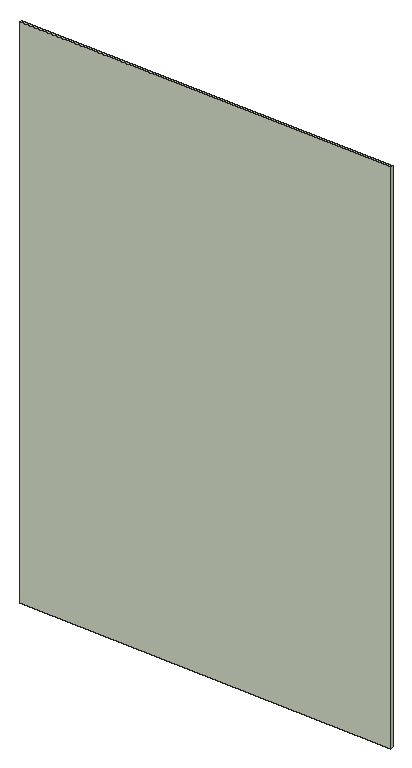
Revit family "Steni - Panel - Colour", category Generic Models, Revit 2014
Parameters (values of type "SN 9308")
  Youtube clip = ""
  Width [instance] = 850 mm
  Weight Net (kg) = "11 Kg/m²"
  Water Absorbtion After 28 days = "<1.5 %"
  WarrantyStartDate = ""
  WarrantyDuration = ""
  Visual Assessment = "3 M / 90°"
  Uniclass 2.0 Description = ""
  Uniclass 2.0 Code = ""
  Uniclass 1.4 Description = ""
  Uniclass 1.4 Code = ""
  URL = "http://steni.bimobject.com/sn9308"
  UNSPC code = 301518
  UNSPC Category = "Siding and exterior wall materials"
  TypeName = ""
  Steni Material = Steni - SN 9308• S 2010-G30Y
  Optimization Group [instance] = ""
  Material main [instance] = none
  IsVerticalLath [instance] = yes
  Height [instance] = 1195 mm
  Drilling Code [instance] = ""
  Depth [instance] = 6 mm  # constant formula
  Tensile Strength = "15 N/mm²"
  Temperature Expansion (-20° +65°) = "0.026 mm/m°C"
  Technical description = "http://steni.co.uk/uk/resources/pdf/fdv_en/Technical-Datasheet-Steni-UK-101-0413.pdf"
  TagNumber = ""
  Standard Width = 1195 mm  # constant formula
  Standard Length = 3500 mm  # constant formula
  Size = ""
  SerialNumber = ""
  Reverse Side Of Panel = "GLASS FIBER SURFACING VEIL"
  Product identifier = ""
  Product group = "Colour"
  Product family = "Steni Colour"
  Product data url = "http://steni.co.uk/uk/resources/pdf/fdv_en/Productdescription-Steni-UK-103-0413.pdf"
  Product certification = "http://steni.co.uk/uk/resources/pdf/approvals/Approvals-STENI_AA000_EN_1015.pdf"
  Product SKU = "SN9308"
  Penetration Of Water Vapour = "3,3 X 10-12 Kg/m²sPa"
  NominalWidth = "3500"
  NominalHeight = "1195"
  No Damage = "300 CYCLE"
  Name of the object = "Steni - Panel - Colour"
  NBS Reference Description = ""
  NBS Reference = ""
  Model = "Steni - Panel - Colour"
  Material = ""
  Manufacturer country = "Norway"
  Manufacturer URL = "www.steni.com"
  Manufacturer = "Steni"
  InstallationDate = ""
  Installation instructions = "http://steni.com/en/pro/documentation/fixing-system"
  Impermeability = "100%"
  Impact Strength = "20 KJ / m 2"
  IFC Classification = "Covering"
  Humidity Altered Dimension = "5.2 X 106 m/m x%RF"
  Heat Resistance = "0.0074 m²°C/W"
  Heat Conductivity = "0.55 W/m°C"
  Grade = ""
  Gloss Count On Surface = "HG, HM or M"
  Front Side Of Panel = "ELECTRON CURED ACRYL"
  Flexural Strength = "40 MPa"
  Finish = ""
  Features = ""
  Extidentifier = ""
  Elasticity Module = "5000 MPa"
  Edition number = "1"
  Edge Straightness Full Size = "1 mm"
  EAN code = ""
  Drilling Distance Tolerance = "± 5 mm"
  Diagonal Deviation = "3 mm"
  Design country = "Norway"
  Density = "Apprx. 1880 Kg/m³"
  Date of publishing = ""
  Created on = ""
  Created by = ""
  ConnectionType = ""
  Colour = ""
  COBIe Type Category = ""
  Barcode = ""
  BIMobject QR code url = "http://steni.bimobject.com/sn9308"
  BIMobject Category = "Cladding"
  AssetIdentifier = ""
  Article Number = ""
  Allowable Variation = "± 2 mm"
  AccessibilityPerformance = ""
Types (60, lengths in mm): name | URL | Steni Material | Technical description | Product group | Product data url | Product certification | Product SKU | Model | Installation instructions | Gloss Count On Surface | BIMobject QR code url
  Steni - Panel - DUO | "http://steni.bimobject.com/sc123" | Steni_Aluminum | "http://steni.bimobject.com/pdf/technicalspecs/technicalspec_colour_type6.pdf" | "FS 100" | "http://www.steni.co.uk/#/products/STENI%20COLOUR" | "" | "sc123" | "Steni - Panel - Coulour Type 6" | "http://steni.bimobject.com/pdf/technicalspecs/technicalspec_colour_type6.pdf" | "HG, HM, or M" | "http://steni.bimobject.com/sc123"
  SN 9402 | "http://steni.bimobject.com/sn9402" | Steni - SN 9402• S 2010-R90B | "http://steni.co.uk/uk/resources/pdf/fdv_en/Technical-Datasheet-Steni-UK-101-0413.pdf" | "Colour" | "http://steni.co.uk/uk/resources/pdf/fdv_en/Productdescription-Steni-UK-103-0413.pdf" | "http://steni.co.uk/uk/resources/pdf/approvals/Approvals-STENI_AA000_EN_1015.pdf" | "SN9402" | "Steni - Panel - Colour" | "http://steni.com/en/pro/documentation/fixing-system" | "HG, HM or M" | "http://steni.bimobject.com/sn9402"
  SN 9401 | "http://steni.bimobject.com/sn9401" | Steni - SN 9401• S 8010-R90B | "http://steni.co.uk/uk/resources/pdf/fdv_en/Technical-Datasheet-Steni-UK-101-0413.pdf" | "Colour" | "http://steni.co.uk/uk/resources/pdf/fdv_en/Productdescription-Steni-UK-103-0413.pdf" | "http://steni.co.uk/uk/resources/pdf/approvals/Approvals-STENI_AA000_EN_1015.pdf" | "SN9401" | "Steni - Panel - Colour" | "http://steni.com/en/pro/documentation/fixing-system" | "HG, HM or M" | "http://steni.bimobject.com/sn9401"
  SN 9400 | "http://steni.bimobject.com/sn9400" | Steni - SN 9400• S 4050-R90B | "http://steni.co.uk/uk/resources/pdf/fdv_en/Technical-Datasheet-Steni-UK-101-0413.pdf" | "Colour" | "http://steni.co.uk/uk/resources/pdf/fdv_en/Productdescription-Steni-UK-103-0413.pdf" | "http://steni.co.uk/uk/resources/pdf/approvals/Approvals-STENI_AA000_EN_1015.pdf" | "SN9400" | "Steni - Panel - Colour" | "http://steni.com/en/pro/documentation/fixing-system" | "HG, HM or M" | "http://steni.bimobject.com/sn9400"
  SN 9310 | "http://steni.bimobject.com/sn9310" | Steni - SN 9310• S 2010-B30G | "http://steni.co.uk/uk/resources/pdf/fdv_en/Technical-Datasheet-Steni-UK-101-0413.pdf" | "Colour" | "http://steni.co.uk/uk/resources/pdf/fdv_en/Productdescription-Steni-UK-103-0413.pdf" | "http://steni.co.uk/uk/resources/pdf/approvals/Approvals-STENI_AA000_EN_1015.pdf" | "SN9310" | "Steni - Panel - Colour" | "http://steni.com/en/pro/documentation/fixing-system" | "HG, HM or M" | "http://steni.bimobject.com/sn9310"
  SN 9309 | "http://steni.bimobject.com/sn9309" | Steni - SN 9309• S 5010-B30G | "http://steni.co.uk/uk/resources/pdf/fdv_en/Technical-Datasheet-Steni-UK-101-0413.pdf" | "Colour" | "http://steni.co.uk/uk/resources/pdf/fdv_en/Productdescription-Steni-UK-103-0413.pdf" | "http://steni.co.uk/uk/resources/pdf/approvals/Approvals-STENI_AA000_EN_1015.pdf" | "SN9309" | "Steni - Panel - Colour" | "http://steni.com/en/pro/documentation/fixing-system" | "HG, HM or M" | "http://steni.bimobject.com/sn9309"
  SN 9308 | "http://steni.bimobject.com/sn9308" | Steni - SN 9308• S 2010-G30Y | "http://steni.co.uk/uk/resources/pdf/fdv_en/Technical-Datasheet-Steni-UK-101-0413.pdf" | "Colour" | "http://steni.co.uk/uk/resources/pdf/fdv_en/Productdescription-Steni-UK-103-0413.pdf" | "http://steni.co.uk/uk/resources/pdf/approvals/Approvals-STENI_AA000_EN_1015.pdf" | "SN9308" | "Steni - Panel - Colour" | "http://steni.com/en/pro/documentation/fixing-system" | "HG, HM or M" | "http://steni.bimobject.com/sn9308"
  SN 9307 | "http://steni.bimobject.com/sn9307" | Steni - SN 9307• S 5010-G30Y | "http://steni.co.uk/uk/resources/pdf/fdv_en/Technical-Datasheet-Steni-UK-101-0413.pdf" | "Colour" | "http://steni.co.uk/uk/resources/pdf/fdv_en/Productdescription-Steni-UK-103-0413.pdf" | "http://steni.co.uk/uk/resources/pdf/approvals/Approvals-STENI_AA000_EN_1015.pdf" | "SN9307" | "Steni - Panel - Colour" | "http://steni.com/en/pro/documentation/fixing-system" | "HG, HM or M" | "http://steni.bimobject.com/sn9307"
  SN 9306 | "http://steni.bimobject.com/sn9306" | Steni - SN 9306• S 8505-G20Y | "http://steni.co.uk/uk/resources/pdf/fdv_en/Technical-Datasheet-Steni-UK-101-0413.pdf" | "Colour" | "http://steni.co.uk/uk/resources/pdf/fdv_en/Productdescription-Steni-UK-103-0413.pdf" | "http://steni.co.uk/uk/resources/pdf/approvals/Approvals-STENI_AA000_EN_1015.pdf" | "SN9306" | "Steni - Panel - Colour" | "http://steni.com/en/pro/documentation/fixing-system" | "HG, HM" | "http://steni.bimobject.com/sn9306"
  SN 9305 | "http://steni.bimobject.com/sn9305" | Steni - SN 9305• S 0540-B30G | "http://steni.co.uk/uk/resources/pdf/fdv_en/Technical-Datasheet-Steni-UK-101-0413.pdf" | "Colour" | "http://steni.co.uk/uk/resources/pdf/fdv_en/Productdescription-Steni-UK-103-0413.pdf" | "http://steni.co.uk/uk/resources/pdf/approvals/Approvals-STENI_AA000_EN_1015.pdf" | "SN9305" | "Steni - Panel - Colour" | "http://steni.com/en/pro/documentation/fixing-system" | "HG, HM or M" | "http://steni.bimobject.com/sn9305"
  SN 9304 | "http://steni.bimobject.com/sn9304" | Steni - SN 9304• S 5040-B30G | "http://steni.co.uk/uk/resources/pdf/fdv_en/Technical-Datasheet-Steni-UK-101-0413.pdf" | "Colour" | "http://steni.co.uk/uk/resources/pdf/fdv_en/Productdescription-Steni-UK-103-0413.pdf" | "http://steni.co.uk/uk/resources/pdf/approvals/Approvals-STENI_AA000_EN_1015.pdf" | "SN9304" | "Steni - Panel - Colour" | "http://steni.com/en/pro/documentation/fixing-system" | "HG, HM or M" | "http://steni.bimobject.com/sn9304"
  SN 9303 | "http://steni.bimobject.com/sn9303" | Steni - SN 9303• S 6530-B30G | "http://steni.co.uk/uk/resources/pdf/fdv_en/Technical-Datasheet-Steni-UK-101-0413.pdf" | "Colour" | "http://steni.co.uk/uk/resources/pdf/fdv_en/Productdescription-Steni-UK-103-0413.pdf" | "http://steni.co.uk/uk/resources/pdf/approvals/Approvals-STENI_AA000_EN_1015.pdf" | "SN9303" | "Steni - Panel - Colour" | "http://steni.com/en/pro/documentation/fixing-system" | "HG, HM or M" | "http://steni.bimobject.com/sn9303"
  SN 9302 | "http://steni.bimobject.com/sn9302" | Steni - SN 9302• S 0565-G50Y | "http://steni.co.uk/uk/resources/pdf/fdv_en/Technical-Datasheet-Steni-UK-101-0413.pdf" | "Colour" | "http://steni.co.uk/uk/resources/pdf/fdv_en/Productdescription-Steni-UK-103-0413.pdf" | "http://steni.co.uk/uk/resources/pdf/approvals/Approvals-STENI_AA000_EN_1015.pdf" | "SN9302" | "Steni - Panel - Colour" | "http://steni.com/en/pro/documentation/fixing-system" | "HG, HM or M" | "http://steni.bimobject.com/sn9302"
  SN 9301 | "http://steni.bimobject.com/sn9301" | Steni - SN 9301• S 4550-G30Y | "http://steni.co.uk/uk/resources/pdf/fdv_en/Technical-Datasheet-Steni-UK-101-0413.pdf" | "Colour" | "http://steni.co.uk/uk/resources/pdf/fdv_en/Productdescription-Steni-UK-103-0413.pdf" | "http://steni.co.uk/uk/resources/pdf/approvals/Approvals-STENI_AA000_EN_1015.pdf" | "SN9301" | "Steni - Panel - Colour" | "http://steni.com/en/pro/documentation/fixing-system" | "HG, HM or M" | "http://steni.bimobject.com/sn9301"
  SN 9300 | "http://steni.bimobject.com/sn9300" | Steni - SN 9300• S 1070-G30Y | "http://steni.co.uk/uk/resources/pdf/fdv_en/Technical-Datasheet-Steni-UK-101-0413.pdf" | "Colour" | "http://steni.co.uk/uk/resources/pdf/fdv_en/Productdescription-Steni-UK-103-0413.pdf" | "http://steni.co.uk/uk/resources/pdf/approvals/Approvals-STENI_AA000_EN_1015.pdf" | "SN9300" | "Steni - Panel - Colour" | "http://steni.com/en/pro/documentation/fixing-system" | "HG, HM or M" | "http://steni.bimobject.com/sn9300"
  SN 9207 | "http://steni.bimobject.com/sn9207" | Steni - SN 9207• S 5010-Y30R | "http://steni.co.uk/uk/resources/pdf/fdv_en/Technical-Datasheet-Steni-UK-101-0413.pdf" | "Colour" | "http://steni.co.uk/uk/resources/pdf/fdv_en/Productdescription-Steni-UK-103-0413.pdf" | "http://steni.co.uk/uk/resources/pdf/approvals/Approvals-STENI_AA000_EN_1015.pdf" | "SN9207" | "Steni - Panel - Colour" | "http://steni.com/en/pro/documentation/fixing-system" | "HG, HM or M" | "http://steni.bimobject.com/sn9207"
  SN 9206 | "http://steni.bimobject.com/sn9206" | Steni - SN 9206• S 5010-Y10R | "http://steni.co.uk/uk/resources/pdf/fdv_en/Technical-Datasheet-Steni-UK-101-0413.pdf" | "Colour" | "http://steni.co.uk/uk/resources/pdf/fdv_en/Productdescription-Steni-UK-103-0413.pdf" | "http://steni.co.uk/uk/resources/pdf/approvals/Approvals-STENI_AA000_EN_1015.pdf" | "SN9206" | "Steni - Panel - Colour" | "http://steni.com/en/pro/documentation/fixing-system" | "HG, HM or M" | "http://steni.bimobject.com/sn9206"
  SN 9205 | "http://steni.bimobject.com/sn9205" | Steni - SN 9205• S 1502-Y | "http://steni.co.uk/uk/resources/pdf/fdv_en/Technical-Datasheet-Steni-UK-101-0413.pdf" | "Colour" | "http://steni.co.uk/uk/resources/pdf/fdv_en/Productdescription-Steni-UK-103-0413.pdf" | "http://steni.co.uk/uk/resources/pdf/approvals/Approvals-STENI_AA000_EN_1015.pdf" | "SN9205" | "Steni - Panel - Colour" | "http://steni.com/en/pro/documentation/fixing-system" | "HG, HM or M" | "http://steni.bimobject.com/sn9205"
  SN 9204 | "http://steni.bimobject.com/sn9204" | Steni - SN 9204 • S 8505-G80Y | "http://steni.co.uk/uk/resources/pdf/fdv_en/Technical-Datasheet-Steni-UK-101-0413.pdf" | "Colour" | "http://steni.co.uk/uk/resources/pdf/fdv_en/Productdescription-Steni-UK-103-0413.pdf" | "http://steni.co.uk/uk/resources/pdf/approvals/Approvals-STENI_AA000_EN_1015.pdf" | "SN9204" | "Steni - Panel - Colour" | "http://steni.com/en/pro/documentation/fixing-system" | "HG, HM or M" | "http://steni.bimobject.com/sn9204"
  SN 9203 | "http://steni.bimobject.com/sn9203" | Steni - SN 9203 • S 7020-Y50R | "http://steni.co.uk/uk/resources/pdf/fdv_en/Technical-Datasheet-Steni-UK-101-0413.pdf" | "Colour" | "http://steni.co.uk/uk/resources/pdf/fdv_en/Productdescription-Steni-UK-103-0413.pdf" | "http://steni.co.uk/uk/resources/pdf/approvals/Approvals-STENI_AA000_EN_1015.pdf" | "SN9203" | "Steni - Panel - Colour" | "http://steni.com/en/pro/documentation/fixing-system" | "HG, HM" | "http://steni.bimobject.com/sn9203"
  SN 9202 | "http://steni.bimobject.com/sn9202" | Steni - SN 9202 • S 4550-Y30R | "http://steni.co.uk/uk/resources/pdf/fdv_en/Technical-Datasheet-Steni-UK-101-0413.pdf" | "Colour" | "http://steni.co.uk/uk/resources/pdf/fdv_en/Productdescription-Steni-UK-103-0413.pdf" | "http://steni.co.uk/uk/resources/pdf/approvals/Approvals-STENI_AA000_EN_1015.pdf" | "SN9202" | "Steni - Panel - Colour" | "http://steni.com/en/pro/documentation/fixing-system" | "HG, HM" | "http://steni.bimobject.com/sn9202"
  SN 9201 | "http://steni.bimobject.com/sn9201" | Steni - SN 9201 • S 0560-G80Y | "http://steni.co.uk/uk/resources/pdf/fdv_en/Technical-Datasheet-Steni-UK-101-0413.pdf" | "Colour" | "http://steni.co.uk/uk/resources/pdf/fdv_en/Productdescription-Steni-UK-103-0413.pdf" | "http://steni.co.uk/uk/resources/pdf/approvals/Approvals-STENI_AA000_EN_1015.pdf" | "SN9201" | "Steni - Panel - Colour" | "http://steni.com/en/pro/documentation/fixing-system" | "HG, HM" | "http://steni.bimobject.com/sn9201"
  SN 9200 | "http://steni.bimobject.com/sn9200" | Steni - SN 9200 • S 1070-Y10R | "http://steni.co.uk/uk/resources/pdf/fdv_en/Technical-Datasheet-Steni-UK-101-0413.pdf" | "Colour" | "http://steni.co.uk/uk/resources/pdf/fdv_en/Productdescription-Steni-UK-103-0413.pdf" | "http://steni.co.uk/uk/resources/pdf/approvals/Approvals-STENI_AA000_EN_1015.pdf" | "SN9200" | "Steni - Panel - Colour" | "http://steni.com/en/pro/documentation/fixing-system" | "HG, HM" | "http://steni.bimobject.com/sn9200"
  SN 9109 | "http://steni.bimobject.com/sn9109" | Steni - SN 9109 • S 1050-R | "http://steni.co.uk/uk/resources/pdf/fdv_en/Technical-Datasheet-Steni-UK-101-0413.pdf" | "Colour" | "http://steni.co.uk/uk/resources/pdf/fdv_en/Productdescription-Steni-UK-103-0413.pdf" | "http://steni.co.uk/uk/resources/pdf/approvals/Approvals-STENI_AA000_EN_1015.pdf" | "SN9109" | "Steni - Panel - Colour" | "http://steni.com/en/pro/documentation/fixing-system" | "HG, HM" | "http://steni.bimobject.com/sn9109"
  SN 9108 | "http://steni.bimobject.com/sn9108" | Steni - SN 9108 • S 5010-R70B | "http://steni.co.uk/uk/resources/pdf/fdv_en/Technical-Datasheet-Steni-UK-101-0413.pdf" | "Colour" | "http://steni.co.uk/uk/resources/pdf/fdv_en/Productdescription-Steni-UK-103-0413.pdf" | "http://steni.co.uk/uk/resources/pdf/approvals/Approvals-STENI_AA000_EN_1015.pdf" | "SN9108" | "Steni - Panel - Colour" | "http://steni.com/en/pro/documentation/fixing-system" | "HG, HM or M" | "http://steni.bimobject.com/sn9108"
  SN 9107 | "http://steni.bimobject.com/sn9107" | Steni - SN 9107 • S 5030-R60B | "http://steni.co.uk/uk/resources/pdf/fdv_en/Technical-Datasheet-Steni-UK-101-0413.pdf" | "Colour" | "http://steni.co.uk/uk/resources/pdf/fdv_en/Productdescription-Steni-UK-103-0413.pdf" | "http://steni.co.uk/uk/resources/pdf/approvals/Approvals-STENI_AA000_EN_1015.pdf" | "SN9107" | "Steni - Panel - Colour" | "http://steni.com/en/pro/documentation/fixing-system" | "HG, HM or M" | "http://steni.bimobject.com/sn9107"
  SN 9106 | "http://steni.bimobject.com/sn9106" | Steni - SN 9106 • S 3010-R50B | "http://steni.co.uk/uk/resources/pdf/fdv_en/Technical-Datasheet-Steni-UK-101-0413.pdf" | "Colour" | "http://steni.co.uk/uk/resources/pdf/fdv_en/Productdescription-Steni-UK-103-0413.pdf" | "http://steni.co.uk/uk/resources/pdf/approvals/Approvals-STENI_AA000_EN_1015.pdf" | "SN9106" | "Steni - Panel - Colour" | "http://steni.com/en/pro/documentation/fixing-system" | "HG, HM or M" | "http://steni.bimobject.com/sn9106"
  SN 9105 | "http://steni.bimobject.com/sn9105" | Steni - SN 9105 • S 1020-R30B | "http://steni.co.uk/uk/resources/pdf/fdv_en/Technical-Datasheet-Steni-UK-101-0413.pdf" | "Colour" | "http://steni.co.uk/uk/resources/pdf/fdv_en/Productdescription-Steni-UK-103-0413.pdf" | "http://steni.co.uk/uk/resources/pdf/approvals/Approvals-STENI_AA000_EN_1015.pdf" | "SN9105" | "Steni - Panel - Colour" | "http://steni.com/en/pro/documentation/fixing-system" | "HG, HM or M" | "http://steni.bimobject.com/sn9105"
  SN 9104 | "http://steni.bimobject.com/sn9104" | Steni - SN 9104 • S 4030-R20B | "http://steni.co.uk/uk/resources/pdf/fdv_en/Technical-Datasheet-Steni-UK-101-0413.pdf" | "Colour" | "http://steni.co.uk/uk/resources/pdf/fdv_en/Productdescription-Steni-UK-103-0413.pdf" | "http://steni.co.uk/uk/resources/pdf/approvals/Approvals-STENI_AA000_EN_1015.pdf" | "SN9104" | "Steni - Panel - Colour" | "http://steni.com/en/pro/documentation/fixing-system" | "HG, HM" | "http://steni.bimobject.com/sn9104"
  SN 9103 | "http://steni.bimobject.com/sn9103" | Steni - SN 9103 • S 7020-R | "http://steni.co.uk/uk/resources/pdf/fdv_en/Technical-Datasheet-Steni-UK-101-0413.pdf" | "Colour" | "http://steni.co.uk/uk/resources/pdf/fdv_en/Productdescription-Steni-UK-103-0413.pdf" | "http://steni.co.uk/uk/resources/pdf/approvals/Approvals-STENI_AA000_EN_1015.pdf" | "SN9103" | "Steni - Panel - Colour" | "http://steni.com/en/pro/documentation/fixing-system" | "HG, HM or M" | "http://steni.bimobject.com/sn9103"
  SN 9102 | "http://steni.bimobject.com/sn9102" | Steni - SN 9102 • S 0580-Y40R | "http://steni.co.uk/uk/resources/pdf/fdv_en/Technical-Datasheet-Steni-UK-101-0413.pdf" | "Colour" | "http://steni.co.uk/uk/resources/pdf/fdv_en/Productdescription-Steni-UK-103-0413.pdf" | "http://steni.co.uk/uk/resources/pdf/approvals/Approvals-STENI_AA000_EN_1015.pdf" | "SN9102" | "Steni - Panel - Colour" | "http://steni.com/en/pro/documentation/fixing-system" | "HG, HM" | "http://steni.bimobject.com/sn9102"
  SN 9101 | "http://steni.bimobject.com/sn9101" | Steni - SN 9101• S 2070-Y60R | "http://steni.co.uk/uk/resources/pdf/fdv_en/Technical-Datasheet-Steni-UK-101-0413.pdf" | "Colour" | "http://steni.co.uk/uk/resources/pdf/fdv_en/Productdescription-Steni-UK-103-0413.pdf" | "http://steni.co.uk/uk/resources/pdf/approvals/Approvals-STENI_AA000_EN_1015.pdf" | "SN9101" | "Steni - Panel - Colour" | "http://steni.com/en/pro/documentation/fixing-system" | "HG, HM" | "http://steni.bimobject.com/sn9101"
  SN 9100 | "http://steni.bimobject.com/sn9100" | Steni - SN 9100• S 1580-Y90R | "http://steni.co.uk/uk/resources/pdf/fdv_en/Technical-Datasheet-Steni-UK-101-0413.pdf" | "Colour" | "http://steni.co.uk/uk/resources/pdf/fdv_en/Productdescription-Steni-UK-103-0413.pdf" | "http://steni.co.uk/uk/resources/pdf/approvals/Approvals-STENI_AA000_EN_1015.pdf" | "SN9100" | "Steni - Panel - Colour" | "http://steni.com/en/pro/documentation/fixing-system" | "HG, HM" | "http://steni.bimobject.com/sn9100"
  SN 7534 | "http://steni.bimobject.com/sn7534" | Steni - SN 7534• S 5040-R80B | "http://steni.co.uk/uk/resources/pdf/fdv_en/Technical-Datasheet-Steni-UK-101-0413.pdf" | "Colour" | "http://steni.co.uk/uk/resources/pdf/fdv_en/Productdescription-Steni-UK-103-0413.pdf" | "http://steni.co.uk/uk/resources/pdf/approvals/Approvals-STENI_AA000_EN_1015.pdf" | "SN7534" | "Steni - Panel - Colour" | "http://steni.com/en/pro/documentation/fixing-system" | "HG, HM, or M" | "http://steni.bimobject.com/sn7534"
  SN 7020 | "http://steni.bimobject.com/sn7020" | Steni - SN 7020• S 5010-R90B | "http://steni.co.uk/uk/resources/pdf/fdv_en/Technical-Datasheet-Steni-UK-101-0413.pdf" | "Colour" | "http://steni.co.uk/uk/resources/pdf/fdv_en/Productdescription-Steni-UK-103-0413.pdf" | "http://steni.co.uk/uk/resources/pdf/approvals/Approvals-STENI_AA000_EN_1015.pdf" | "SN7020" | "Steni - Panel - Colour" | "http://steni.com/en/pro/documentation/fixing-system" | "HG, HM, or M" | "http://steni.bimobject.com/sn7020"
  SN 7013 | "http://steni.bimobject.com/sn7013" | Steni - SN 7013• S 2010-R70B | "http://steni.co.uk/uk/resources/pdf/fdv_en/Technical-Datasheet-Steni-UK-101-0413.pdf" | "Colour" | "http://steni.co.uk/uk/resources/pdf/fdv_en/Productdescription-Steni-UK-103-0413.pdf" | "http://steni.co.uk/uk/resources/pdf/approvals/Approvals-STENI_AA000_EN_1015.pdf" | "SN7013" | "Steni - Panel - Colour" | "http://steni.com/en/pro/documentation/fixing-system" | "HG, HM, or M" | "http://steni.bimobject.com/sn7013"
  SN 6520 | "http://steni.bimobject.com/sn6520" | Steni - SN 6520• S 3020-B10G | "http://steni.co.uk/uk/resources/pdf/fdv_en/Technical-Datasheet-Steni-UK-101-0413.pdf" | "Colour" | "http://steni.co.uk/uk/resources/pdf/fdv_en/Productdescription-Steni-UK-103-0413.pdf" | "http://steni.co.uk/uk/resources/pdf/approvals/Approvals-STENI_AA000_EN_1015.pdf" | "SN6520" | "Steni - Panel - Colour" | "http://steni.com/en/pro/documentation/fixing-system" | "HG, HM, or M" | "http://steni.bimobject.com/sn6520"
  SN 6510 | "http://steni.bimobject.com/sn6510" | Steni - SN 6510• S 2005-B20G | "http://steni.co.uk/uk/resources/pdf/fdv_en/Technical-Datasheet-Steni-UK-101-0413.pdf" | "Colour" | "http://steni.co.uk/uk/resources/pdf/fdv_en/Productdescription-Steni-UK-103-0413.pdf" | "http://steni.co.uk/uk/resources/pdf/approvals/Approvals-STENI_AA000_EN_1015.pdf" | "SN6510" | "Steni - Panel - Colour" | "http://steni.com/en/pro/documentation/fixing-system" | "HG, HM, or M" | "http://steni.bimobject.com/sn6510"
  SN 5550 | "http://steni.bimobject.com/sn5550" | Steni - SN 5550• S 2040-B10G | "http://steni.co.uk/uk/resources/pdf/fdv_en/Technical-Datasheet-Steni-UK-101-0413.pdf" | "Colour" | "http://steni.co.uk/uk/resources/pdf/fdv_en/Productdescription-Steni-UK-103-0413.pdf" | "http://steni.co.uk/uk/resources/pdf/approvals/Approvals-STENI_AA000_EN_1015.pdf" | "SN5550" | "Steni - Panel - Colour" | "http://steni.com/en/pro/documentation/fixing-system" | "HG, HM, or M" | "http://steni.bimobject.com/sn5550"
  SN 5010 | "http://steni.bimobject.com/sn5010" | Steni - SN 5010• S 4010-G10Y | "http://steni.co.uk/uk/resources/pdf/fdv_en/Technical-Datasheet-Steni-UK-101-0413.pdf" | "Colour" | "http://steni.co.uk/uk/resources/pdf/fdv_en/Productdescription-Steni-UK-103-0413.pdf" | "http://steni.co.uk/uk/resources/pdf/approvals/Approvals-STENI_AA000_EN_1015.pdf" | "SN5010" | "Steni - Panel - Colour" | "http://steni.com/en/pro/documentation/fixing-system" | "HG, HM, or M" | "http://steni.bimobject.com/sn5010"
  SN 4500 | "http://steni.bimobject.com/sn4500" | Steni - SN 4500• S 2020-Y40R | "http://steni.co.uk/uk/resources/pdf/fdv_en/Technical-Datasheet-Steni-UK-101-0413.pdf" | "Colour" | "http://steni.co.uk/uk/resources/pdf/fdv_en/Productdescription-Steni-UK-103-0413.pdf" | "http://steni.co.uk/uk/resources/pdf/approvals/Approvals-STENI_AA000_EN_1015.pdf" | "SN4500" | "Steni - Panel - Colour" | "http://steni.com/en/pro/documentation/fixing-system" | "HG, HM, or M" | "http://steni.bimobject.com/sn4500"
  SN 4357 | "http://steni.bimobject.com/sn4357" | Steni - SN 4357• S 3030-Y50R | "http://steni.co.uk/uk/resources/pdf/fdv_en/Technical-Datasheet-Steni-UK-101-0413.pdf" | "Colour" | "http://steni.co.uk/uk/resources/pdf/fdv_en/Productdescription-Steni-UK-103-0413.pdf" | "http://steni.co.uk/uk/resources/pdf/approvals/Approvals-STENI_AA000_EN_1015.pdf" | "SN4357" | "Steni - Panel - Colour" | "http://steni.com/en/pro/documentation/fixing-system" | "HG, HM, or M" | "http://steni.bimobject.com/sn4357"
  SN 4353 | "http://steni.bimobject.com/sn4353" | Steni - SN 4353• S 3010-Y50R | "http://steni.co.uk/uk/resources/pdf/fdv_en/Technical-Datasheet-Steni-UK-101-0413.pdf" | "Colour" | "http://steni.co.uk/uk/resources/pdf/fdv_en/Productdescription-Steni-UK-103-0413.pdf" | "http://steni.co.uk/uk/resources/pdf/approvals/Approvals-STENI_AA000_EN_1015.pdf" | "SN4353" | "Steni - Panel - Colour" | "http://steni.com/en/pro/documentation/fixing-system" | "HG, HM, or M" | "http://steni.bimobject.com/sn4353"
  SN 4350 | "http://steni.bimobject.com/sn4350" | Steni - SN 4350• S 3010-Y30R | "http://steni.co.uk/uk/resources/pdf/fdv_en/Technical-Datasheet-Steni-UK-101-0413.pdf" | "Colour" | "http://steni.co.uk/uk/resources/pdf/fdv_en/Productdescription-Steni-UK-103-0413.pdf" | "http://steni.co.uk/uk/resources/pdf/approvals/Approvals-STENI_AA000_EN_1015.pdf" | "SN4350" | "Steni - Panel - Colour" | "http://steni.com/en/pro/documentation/fixing-system" | "HG, HM, or M" | "http://steni.bimobject.com/sn4350"
  SN 4072 | "http://steni.bimobject.com/sn4072" | Steni - SN 4072• S 2010-Y10R | "http://steni.co.uk/uk/resources/pdf/fdv_en/Technical-Datasheet-Steni-UK-101-0413.pdf" | "Colour" | "http://steni.co.uk/uk/resources/pdf/fdv_en/Productdescription-Steni-UK-103-0413.pdf" | "http://steni.co.uk/uk/resources/pdf/approvals/Approvals-STENI_AA000_EN_1015.pdf" | "SN4072" | "Steni - Panel - Colour" | "http://steni.com/en/pro/documentation/fixing-system" | "HG, HM, or M" | "http://steni.bimobject.com/sn4072"
  SN 4012 | "http://steni.bimobject.com/sn4012" | Steni - SN 4012• S 2010-Y30R | "http://steni.co.uk/uk/resources/pdf/fdv_en/Technical-Datasheet-Steni-UK-101-0413.pdf" | "Colour" | "http://steni.co.uk/uk/resources/pdf/fdv_en/Productdescription-Steni-UK-103-0413.pdf" | "http://steni.co.uk/uk/resources/pdf/approvals/Approvals-STENI_AA000_EN_1015.pdf" | "SN4012" | "Steni - Panel - Colour" | "http://steni.com/en/pro/documentation/fixing-system" | "HG, HM, or M" | "http://steni.bimobject.com/sn4012"
  SN 3413 | "http://steni.bimobject.com/sn3413" | Steni - SN 3413• S 1020-Y10R | "http://steni.co.uk/uk/resources/pdf/fdv_en/Technical-Datasheet-Steni-UK-101-0413.pdf" | "Colour" | "http://steni.co.uk/uk/resources/pdf/fdv_en/Productdescription-Steni-UK-103-0413.pdf" | "http://steni.co.uk/uk/resources/pdf/approvals/Approvals-STENI_AA000_EN_1015.pdf" | "SN3413" | "Steni - Panel - Colour" | "http://steni.com/en/pro/documentation/fixing-system" | "HG, HM, or M" | "http://steni.bimobject.com/sn3413"
  SN 2008 | "http://steni.bimobject.com/sn2008" | Steni - SN 2008• S 4550-Y80R | "http://steni.co.uk/uk/resources/pdf/fdv_en/Technical-Datasheet-Steni-UK-101-0413.pdf" | "Colour" | "http://steni.co.uk/uk/resources/pdf/fdv_en/Productdescription-Steni-UK-103-0413.pdf" | "http://steni.co.uk/uk/resources/pdf/approvals/Approvals-STENI_AA000_EN_1015.pdf" | "SN2008" | "Steni - Panel - Colour" | "http://steni.com/en/pro/documentation/fixing-system" | "HG, HM, or M" | "http://steni.bimobject.com/sn2008"
  SN 8013 | "http://steni.bimobject.com/sn8013" | Steni - SN 8013• S 1002-G50Y | "http://steni.co.uk/uk/resources/pdf/fdv_en/Technical-Datasheet-Steni-UK-101-0413.pdf" | "Colour" | "http://steni.co.uk/uk/resources/pdf/fdv_en/Productdescription-Steni-UK-103-0413.pdf" | "http://steni.co.uk/uk/resources/pdf/approvals/Approvals-STENI_AA000_EN_1015.pdf" | "SN8013" | "Steni - Panel - Colour" | "http://steni.com/en/pro/documentation/fixing-system" | "HG, HM, or M" | "http://steni.bimobject.com/sn8013"
  SN 8011 | "http://steni.bimobject.com/sn8011" | Steni - SN 8011• S 1005-Y20R | "http://steni.co.uk/uk/resources/pdf/fdv_en/Technical-Datasheet-Steni-UK-101-0413.pdf" | "Colour" | "http://steni.co.uk/uk/resources/pdf/fdv_en/Productdescription-Steni-UK-103-0413.pdf" | "http://steni.co.uk/uk/resources/pdf/approvals/Approvals-STENI_AA000_EN_1015.pdf" | "SN8011" | "Steni - Panel - Colour" | "http://steni.com/en/pro/documentation/fixing-system" | "HG, HM, or M" | "http://steni.bimobject.com/sn8011"
  SN 8010 | "http://steni.bimobject.com/sn8010" | Steni - SN 8010• S 0502-Y | "http://steni.co.uk/uk/resources/pdf/fdv_en/Technical-Datasheet-Steni-UK-101-0413.pdf" | "Colour" | "http://steni.co.uk/uk/resources/pdf/fdv_en/Productdescription-Steni-UK-103-0413.pdf" | "http://steni.co.uk/uk/resources/pdf/approvals/Approvals-STENI_AA000_EN_1015.pdf" | "SN8010" | "Steni - Panel - Colour" | "http://steni.com/en/pro/documentation/fixing-system" | "HG, HM, or M" | "http://steni.bimobject.com/sn8010"
  SN 8020 | "http://steni.bimobject.com/sn8020" | Steni - SN 8020• S 3000-N | "http://steni.co.uk/uk/resources/pdf/fdv_en/Technical-Datasheet-Steni-UK-101-0413.pdf" | "Colour" | "http://steni.co.uk/uk/resources/pdf/fdv_en/Productdescription-Steni-UK-103-0413.pdf" | "http://steni.co.uk/uk/resources/pdf/approvals/Approvals-STENI_AA000_EN_1015.pdf" | "SN8020" | "Steni - Panel - Colour" | "http://steni.com/en/pro/documentation/fixing-system" | "HG, HM, or M" | "http://steni.bimobject.com/sn8020"
  SN 8008 | "http://steni.bimobject.com/sn8008" | Steni - SN 8008• S 8000-N | "http://steni.co.uk/uk/resources/pdf/fdv_en/Technical-Datasheet-Steni-UK-101-0413.pdf" | "Colour" | "http://steni.co.uk/uk/resources/pdf/fdv_en/Productdescription-Steni-UK-103-0413.pdf" | "http://steni.co.uk/uk/resources/pdf/approvals/Approvals-STENI_AA000_EN_1015.pdf" | "SN8008" | "Steni - Panel - Colour" | "http://steni.com/en/pro/documentation/fixing-system" | "HG, HM, or M" | "http://steni.bimobject.com/sn8008"
  SN 8007 | "http://steni.bimobject.com/sn8007" | Steni - SN 8007• S 7000-N | "http://steni.co.uk/uk/resources/pdf/fdv_en/Technical-Datasheet-Steni-UK-101-0413.pdf" | "Colour" | "http://steni.co.uk/uk/resources/pdf/fdv_en/Productdescription-Steni-UK-103-0413.pdf" | "http://steni.co.uk/uk/resources/pdf/approvals/Approvals-STENI_AA000_EN_1015.pdf" | "SN8007" | "Steni - Panel - Colour" | "http://steni.com/en/pro/documentation/fixing-system" | "HG, HM, or M" | "http://steni.bimobject.com/sn8007"
  SN 8006 | "http://steni.bimobject.com/sn8006" | Steni - SN 8006• S 6000-N | "http://steni.co.uk/uk/resources/pdf/fdv_en/Technical-Datasheet-Steni-UK-101-0413.pdf" | "Colour" | "http://steni.co.uk/uk/resources/pdf/fdv_en/Productdescription-Steni-UK-103-0413.pdf" | "http://steni.co.uk/uk/resources/pdf/approvals/Approvals-STENI_AA000_EN_1015.pdf" | "SN8006" | "Steni - Panel - Colour" | "http://steni.com/en/pro/documentation/fixing-system" | "HG, HM, or M" | "http://steni.bimobject.com/sn8006"
  SN 8005 | "http://steni.bimobject.com/sn8005" | Steni - SN 8005• S 5000-N | "http://steni.co.uk/uk/resources/pdf/fdv_en/Technical-Datasheet-Steni-UK-101-0413.pdf" | "Colour" | "http://steni.co.uk/uk/resources/pdf/fdv_en/Productdescription-Steni-UK-103-0413.pdf" | "http://steni.co.uk/uk/resources/pdf/approvals/Approvals-STENI_AA000_EN_1015.pdf" | "SN8005" | "Steni - Panel - Colour" | "http://steni.com/en/pro/documentation/fixing-system" | "HG, HM, or M" | "http://steni.bimobject.com/sn8005"
  SN 8004 | "http://steni.bimobject.com/sn8004" | Steni - SN 8004• S 4000-N | "http://steni.co.uk/uk/resources/pdf/fdv_en/Technical-Datasheet-Steni-UK-101-0413.pdf" | "Colour" | "http://steni.co.uk/uk/resources/pdf/fdv_en/Productdescription-Steni-UK-103-0413.pdf" | "http://steni.co.uk/uk/resources/pdf/approvals/Approvals-STENI_AA000_EN_1015.pdf" | "SN8004" | "Steni - Panel - Colour" | "http://steni.com/en/pro/documentation/fixing-system" | "HG, HM, or M" | "http://steni.bimobject.com/sn8004"
  SN 8003 | "http://steni.bimobject.com/sn8003" | Steni - SN 8003• S 2000-N | "http://steni.co.uk/uk/resources/pdf/fdv_en/Technical-Datasheet-Steni-UK-101-0413.pdf" | "Colour" | "http://steni.co.uk/uk/resources/pdf/fdv_en/Productdescription-Steni-UK-103-0413.pdf" | "http://steni.co.uk/uk/resources/pdf/approvals/Approvals-STENI_AA000_EN_1015.pdf" | "SN8003" | "Steni - Panel - Colour" | "http://steni.com/en/pro/documentation/fixing-system" | "HG, HM, or M" | "http://steni.bimobject.com/sn8003"
  SN 8002 | "http://steni.bimobject.com/sn8002" | Steni - SN 8002• S 1000-N | "http://steni.co.uk/uk/resources/pdf/fdv_en/Technical-Datasheet-Steni-UK-101-0413.pdf" | "Colour" | "http://steni.co.uk/uk/resources/pdf/fdv_en/Productdescription-Steni-UK-103-0413.pdf" | "http://steni.co.uk/uk/resources/pdf/approvals/Approvals-STENI_AA000_EN_1015.pdf" | "SN8002" | "Steni - Panel - Colour" | "http://steni.com/en/pro/documentation/fixing-system" | "HG, HM, or M" | "http://steni.bimobject.com/sn8002"
  SN 8001 | "http://steni.bimobject.com/sn8001" | Steni - SN 8001• S 0500-N | "http://steni.co.uk/uk/resources/pdf/fdv_en/Technical-Datasheet-Steni-UK-101-0413.pdf" | "Colour" | "http://steni.co.uk/uk/resources/pdf/fdv_en/Productdescription-Steni-UK-103-0413.pdf" | "http://steni.co.uk/uk/resources/pdf/approvals/Approvals-STENI_AA000_EN_1015.pdf" | "SN8001" | "Steni - Panel - Colour" | "http://steni.com/en/pro/documentation/fixing-system" | "HG, HM, or M" | "http://steni.bimobject.com/sn8001"
Reference planes
  plane 1 "Center (Front/Back)": y = 0
  plane 2: z = 0
  plane 3 "Center (Left/Right)": x = 0
  plane 4: z = 1195
Forms (mm)
  Extrusion 1, solid, material "Steni - SN 9308• S 2010-G30Y" <- "Steni Material"
    sketch origin (0, 0, 0) x (1, 0, 0) y (0, 1, 0)
      loop
        line (0, -6) -> (850, -6) -> (850, 0) -> (0, 0) -> (0, -6)
    from 0 to 1195
Dimensions and locks
  "Depth": Extrusion 1 sketch curve to Extrusion 1 sketch curve
  "Width": Extrusion 1 sketch curve to Extrusion 1 sketch curve
  "Height": plane 4 to level
  aligned and locked: level to plane 2
  aligned and locked: Extrusion 1 to level
  aligned and locked: Extrusion 1 to plane 4
  aligned and locked: plane 3 "Center (Left/Right)" to Extrusion 1 sketch curve
  aligned and locked: plane 1 "Center (Front/Back)" to Extrusion 1 sketch curve
